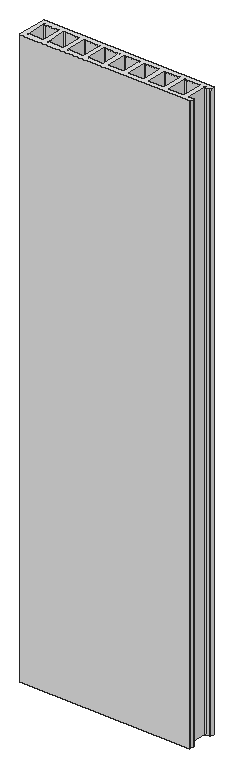
Revit family "ECP_MNH-10060A(オス側カット)", category 一般モデル, Revit 2022
Family settings
  鉄筋をホスト可能 = いいえ
  丸型コネクタ寸法 = 直径を使用
  パーツ タイプ = 標準
  作業面ベース = いいえ
  常に垂直 = はい
  ロード時にボイドで切り取り = はい
  注釈の向きを維持 = いいえ
  共有 = いいえ
  部屋計算ポイント = いいえ
Parameters (values of type "ECP_MNH-10060A")
  長さ [instance] = 2000 mm
  穴表示 = yes
  材質 = 40Msr_ECP
  既定の高さ = 0 mm
  既存長さ = 900 mm
  幅 [instance] = 590 mm
  固定寸法 = 590 mm
  厚さ = 100 mm
  オース側カット [instance] = 固定寸法 - 幅  # 0 mm
  4 オス側カット [instance] = yes
Reference planes
  plane 1 "中心(正面/背面)": y = 0
  plane 2: z = 0
  plane 3 "中心(左/右)": x = 0
  plane 4: y = -50
  plane 5: y = 50
  plane 6: z = 2000
  plane 7: x = 590
  plane 8: x = 0
  plane 9: x = 0
Forms (mm)
  Extrusion 1, solid, material "40Msr_ECP" <- "材質", detail levels fine
    sketch origin (0, 0, 0) x (1, 0, 0) y (0, 1, 0)
      loop
        line (0, -48) -> (2, -50) -> (588, -50) -> (590, -48) -> (590, -38)
        arc (590, -38) -> (589.121, -35.879) -> (587, -35) r 3
        line (587, -35) -> (573, -35)
        arc (573, -35) -> (570.879, -34.121) -> (570, -32) r 3
        line (570, -32) -> (570, 32)
        arc (570, 32) -> (570.879, 34.121) -> (573, 35) r 3
        line (573, 35) -> (587, 35)
        arc (587, 35) -> (589.121, 35.879) -> (590, 38) r 3
        line (590, 38) -> (590, 48) -> (588, 50) -> (2, 50) -> (0, 48) -> (0, 22.5)
        arc (0, 22.5) -> (-0.879, 20.379) -> (-3, 19.5) r 3
        line (-3, 19.5) -> (-17, 19.5)
        arc (-17, 19.5) -> (-19.121, 18.621) -> (-20, 16.5) r 3
        line (-20, 16.5) -> (-20, -29)
        arc (-20, -29) -> (-19.121, -31.121) -> (-17, -32) r 3
        line (-17, -32) -> (-3, -32)
        arc (-3, -32) -> (-0.879, -32.879) -> (0, -35) r 3
        line (0, -35) -> (0, -48)
    from 0 to 2000
  Extrusion 2, void
    sketch origin (-50, 0, 0) x (1, 0, 0) y (0, 1, 0)
      loop
        line (30, -50) -> (50, -50) -> (50, 50) -> (30, 50) -> (30, -50)
    from 0 to 2000
  Extrusion 3, void
    sketch origin (-617, 0, 0) x (1, 0, 0) y (0, 1, 0)
      loop
        line (635.6, -35) -> (683.8, -35)
        arc (683.8, -35) -> (685.922, -34.121) -> (686.8, -32) r 3
        line (686.8, -32) -> (686.8, 32)
        arc (686.8, 32) -> (685.922, 34.121) -> (683.8, 35) r 3
        line (683.8, 35) -> (635.6, 35)
        arc (635.6, 35) -> (633.479, 34.121) -> (632.6, 32) r 3
        line (632.6, 32) -> (632.6, -32)
        arc (632.6, -32) -> (633.479, -34.121) -> (635.6, -35) r 3
      loop
        line (704.8, -35) -> (753, -35)
        arc (753, -35) -> (755.122, -34.121) -> (756, -32) r 3
        line (756, -32) -> (756, 32)
        arc (756, 32) -> (755.122, 34.121) -> (753, 35) r 3
        line (753, 35) -> (704.8, 35)
        arc (704.8, 35) -> (702.679, 34.121) -> (701.8, 32) r 3
        line (701.8, 32) -> (701.8, -32)
        arc (701.8, -32) -> (702.679, -34.121) -> (704.8, -35) r 3
      loop
        line (774, -35) -> (822.4, -35)
        arc (822.4, -35) -> (824.522, -34.121) -> (825.4, -32) r 3
        line (825.4, -32) -> (825.4, 32)
        arc (825.4, 32) -> (824.522, 34.121) -> (822.4, 35) r 3
        line (822.4, 35) -> (774, 35)
        arc (774, 35) -> (771.879, 34.121) -> (771, 32) r 3
        line (771, 32) -> (771, -32)
        arc (771, -32) -> (771.879, -34.121) -> (774, -35) r 3
      loop
        line (843.4, -35) -> (891.6, -35)
        arc (891.6, -35) -> (893.722, -34.121) -> (894.6, -32) r 3
        line (894.6, -32) -> (894.6, 32)
        arc (894.6, 32) -> (893.722, 34.121) -> (891.6, 35) r 3
        line (891.6, 35) -> (843.4, 35)
        arc (843.4, 35) -> (841.279, 34.121) -> (840.4, 32) r 3
        line (840.4, 32) -> (840.4, -32)
        arc (840.4, -32) -> (841.279, -34.121) -> (843.4, -35) r 3
      loop
        line (912.6, -35) -> (960.8, -35)
        arc (960.8, -35) -> (962.922, -34.121) -> (963.8, -32) r 3
        line (963.8, -32) -> (963.8, 32)
        arc (963.8, 32) -> (962.922, 34.121) -> (960.8, 35) r 3
        line (960.8, 35) -> (912.6, 35)
        arc (912.6, 35) -> (910.479, 34.121) -> (909.6, 32) r 3
        line (909.6, 32) -> (909.6, -32)
        arc (909.6, -32) -> (910.479, -34.121) -> (912.6, -35) r 3
      loop
        line (981.8, -35) -> (1030, -35)
        arc (1030, -35) -> (1032.122, -34.121) -> (1033, -32) r 3
        line (1033, -32) -> (1033, 32)
        arc (1033, 32) -> (1032.122, 34.121) -> (1030, 35) r 3
        line (1030, 35) -> (981.8, 35)
        arc (981.8, 35) -> (979.679, 34.121) -> (978.8, 32) r 3
        line (978.8, 32) -> (978.8, -32)
        arc (978.8, -32) -> (979.679, -34.121) -> (981.8, -35) r 3
      loop
        line (1051, -35) -> (1099.4, -35)
        arc (1099.4, -35) -> (1101.522, -34.121) -> (1102.4, -32) r 3
        line (1102.4, -32) -> (1102.4, 32)
        arc (1102.4, 32) -> (1101.522, 34.121) -> (1099.4, 35) r 3
        line (1099.4, 35) -> (1051, 35)
        arc (1051, 35) -> (1048.879, 34.121) -> (1048, 32) r 3
        line (1048, 32) -> (1048, -32)
        arc (1048, -32) -> (1048.879, -34.121) -> (1051, -35) r 3
      loop
        line (1120.4, -35) -> (1168.6, -35)
        arc (1168.6, -35) -> (1170.722, -34.121) -> (1171.6, -32) r 3
        line (1171.6, -32) -> (1171.6, 32)
        arc (1171.6, 32) -> (1170.722, 34.121) -> (1168.6, 35) r 3
        line (1168.6, 35) -> (1120.4, 35)
        arc (1120.4, 35) -> (1118.279, 34.121) -> (1117.4, 32) r 3
        line (1117.4, 32) -> (1117.4, -32)
        arc (1117.4, -32) -> (1118.279, -34.121) -> (1120.4, -35) r 3
    from 0 to 2000
Cuts and joins
  Extrusion 2, Extrusion 3 cuts Extrusion 1
Lines and regions (mm)
  symbolic lines, style "ECPパネル", detail levels coarse+medium
    curve 1: line (0, 50, 0) -> (590, 50, 0)
    curve 2: line (0, -50, 0) -> (0, 50, 0)
    curve 3: line (590, -50, 0) -> (0, -50, 0)
    curve 4: line (590, 50, 0) -> (590, -50, 0)
    curve 5: line (0, 0, 0) -> (590, 0, 0)
    curve 6: line (0, 0, 2000) -> (0, 0, 0)
    curve 7: line (590, 0, 2000) -> (0, 0, 2000)
    curve 8: line (590, 0, 0) -> (590, 0, 2000)
    curve 9: line (0, -50, 2000) -> (0, 50, 2000)
    curve 10: line (0, -50, 0) -> (0, -50, 2000)
    curve 11: line (0, 50, 0) -> (0, -50, 0)
    curve 12: line (0, 50, 2000) -> (0, 50, 0)
Dimensions and locks
  "厚さ": plane 4 to plane 5
  "長さ": plane 6 to level
  equal spacing: plane 4, plane 1 "中心(正面/背面)", plane 5
  "長さ": cut or joined group of Extrusion 1, Extrusion 2, Extrusion 3 to level
  "長さ": Extrusion 2 to level
  "幅": cut or joined group of Extrusion 1, Extrusion 2, Extrusion 3 to curve 8
  "長さ": level to Extrusion 3
  "固定寸法": plane 3 "中心(左/右)" to plane 7
  "幅": plane 9 to plane 7
  "オース側カット": plane 8 to Extrusion 2 sketch curve
  aligned and locked: level to plane 2
  aligned and locked: curve 4 to plane 7
Automatic sketch dimensions
  curve 11 to level = 0 mm
  curve 11 to plane 4 = 0 mm
  curve 11 to plane 5 = 0 mm
  curve 10 to plane 6 = 0 mm
  curve 7 to plane 3 "中心(左/右)" = 0 mm
  curve 7 to plane 6 = 0 mm
  curve 8 to level = 0 mm
  Extrusion 1 sketch curve to plane 3 "中心(左/右)" = 0 mm  (x2)
  plane 5 to Extrusion 1 sketch curve = 0 mm
  plane 4 to Extrusion 1 sketch curve = 0 mm
  Extrusion 1 sketch curve to Extrusion 1 sketch curve = 3 mm  (x3)
  Extrusion 1 sketch curve to plane 3 "中心(左/右)" = 3 mm  (x2)
  plane 3 "中心(左/右)" to Extrusion 1 sketch curve = 2 mm  (x2)
  plane 1 "中心(正面/背面)" to Extrusion 1 sketch curve = 32 mm
  Extrusion 1 sketch curve to Extrusion 1 sketch curve = 568 mm
  Extrusion 1 sketch curve to Extrusion 1 sketch curve = 14 mm  (x4)
  Extrusion 1 sketch curve to Extrusion 1 sketch curve = 1 mm  (x2)
  Extrusion 1 sketch curve to Extrusion 1 sketch curve = 2 mm  (x2)
  Extrusion 1 sketch curve to plane 4 = 2 mm  (x2)
  Extrusion 1 sketch curve to plane 4 = 15 mm
  Extrusion 1 sketch curve to plane 1 "中心(正面/背面)" = 16.5 mm
  Extrusion 1 sketch curve to plane 1 "中心(正面/背面)" = 32 mm
  plane 5 to Extrusion 1 sketch curve = 2 mm  (x2)
  plane 3 "中心(左/右)" to Extrusion 3 sketch curve = 15.6 mm
  Extrusion 3 sketch curve to Extrusion 3 sketch curve = 3 mm  (x24)
  plane 5 to Extrusion 3 sketch curve = 15 mm  (x8)
  Extrusion 3 sketch curve to Extrusion 3 sketch curve = 48.2 mm  (x12)
  Extrusion 3 sketch curve to plane 4 = 18 mm  (x8)
  Extrusion 3 sketch curve to Extrusion 3 sketch curve = 15 mm  (x7)
  Extrusion 3 sketch curve to Extrusion 3 sketch curve = 48.4 mm  (x4)
  plane 4 to Extrusion 2 sketch curve = 0 mm
  plane 5 to Extrusion 2 sketch curve = 0 mm
  Extrusion 2 sketch curve to plane 3 "中心(左/右)" = 20 mm
  plane 4 to curve 2 = 0 mm
  curve 2 to plane 9 = 0 mm
  plane 5 to curve 1 = 0 mm
